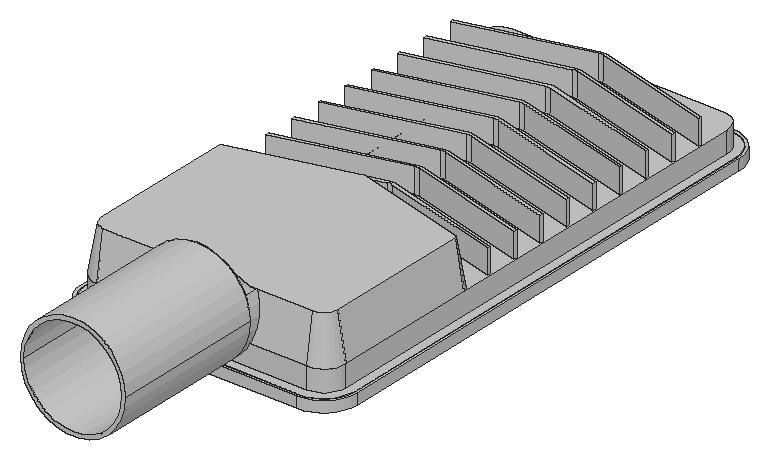
Revit family "NNYC2006288", category 照明器具, Revit 2018
Family settings
  丸型コネクタ寸法 = 直径を使用
  パーツ タイプ = 標準
  OmniClass 番号 = 23.80.70.00
  OmniClass タイトル = Lighting
  作業面ベース = はい
  常に垂直 = いいえ
  ロード時にボイドで切り取り = いいえ
  光源 = はい
  共有 = いいえ
  部屋計算ポイント = いいえ
Parameters (values of type "NNYC2006288")
  built-in parameter 1150110 = 1 (stored number, unit not read)
  長方形の長さに沿って放射 = 103 mm
  長方形の幅に沿って放射 = 154 mm
  built-in parameter 1150133 = 10 (stored number, unit not read)
  Dimming Lamp Color Temperature Shift = (empty or 0)
  説明 = "NNYC2006288"
  製造元 = "Panasonic Corp."
  built-in parameter 1150104 = 13.8 (stored number, unit not read)
  built-in parameter 1150115 = 1 (stored number, unit not read)
  built-in parameter 1150137 = 1
  built-in parameter 1150106 = 53.857 (stored number, unit not read)
  built-in parameter 1150134 = (empty or 0)
  built-in parameter 1150109 = 1 (stored number, unit not read)
  Default Elevation = 0 mm
  built-in parameter 1114218 = 1 (stored number, unit not read)
  built-in parameter 1114217 = 1 (stored number, unit not read)
  built-in parameter 1150102 = (empty or 0)
  built-in parameter 1150107 = 5700 (stored number, unit not read)
  built-in parameter 1150138 = (empty or 0)
  built-in parameter 1150132 = 2
  Lumens = 7500 lm
  built-in parameter 1150105 = 5385.7 (stored number, unit not read)
  Tilt Angle = 90.00°
  built-in parameter 1150139 = (empty or 0)
  Cost = 63000
  Wattage = 50.4908 W
  Emit Shape Visible in Rendering = no
  built-in parameter 1150112 = 1 (stored number, unit not read)
  built-in parameter 1150114 = 1 (stored number, unit not read)
  Lamp = ""
  モデル = "LED Street Light SP series"
  フォトメトリック Web ファイル = "NNYC2006288.ies"
  タイプの説明 = "Street Light"
  Type Image = (empty or 0)
  built-in parameter 1150113 = 1 (stored number, unit not read)
  Color Filter = 16777215
  Voltage = 230 V
  Width = 0 mm
  URL = "https://panasonic.net/electricworks/lighting/"
  Light Source = Light Source
  Height = 0 mm
  Length = 0 mm
  Body = ADC12
Reference planes
  plane 1 "Light Source Axis (F/B)": y = 0
  plane 2: z = 0
  plane 3 "Light Source Axis (L/R)": x = 0
  plane 4 "Light Source Elevation": z = 0
  plane 5: z = 14
  plane 6: y = 173.528
Forms (mm)
  Extrusion 1, solid, material "ADC12" <- "Body"
    sketch origin (0, 0, 0) x (1, 0, 0) y (0, 0, 1)
      loop
        circle (0, 0) r 32
      loop
        circle (0, 0) r 34.5
    from -101 to 0
  Extrusion 2, solid, material "ADC12" <- "Body"
    sketch origin (0, 0, 0) x (1, 0, 0) y (0, 1, 0)
      loop
        arc (90, 430.481) -> (83.565, 446.016) -> (68.03, 452.451) r 21.97
        line (68.03, 452.451) -> (-69.59, 452.395)
        arc (-69.59, 452.395) -> (-84.107, 445.454) -> (-90, 430.481) r 21.97
        line (-90, 430.481) -> (-90, 119.469)
        arc (-90, 119.469) -> (-84.107, 104.496) -> (-69.59, 97.555) r 21.97
        line (-69.59, 97.555) -> (68.03, 97.499)
        arc (68.03, 97.499) -> (83.565, 103.934) -> (90, 119.469) r 21.97
        line (90, 119.469) -> (90, 430.481)
      loop
        arc (88, 430.481) -> (82.151, 444.602) -> (68.031, 450.451) r 19.97
        line (68.031, 450.451) -> (-69.517, 450.395)
        arc (-69.517, 450.395) -> (-82.667, 444.066) -> (-88, 430.481) r 19.97
        line (-88, 430.481) -> (-88, 119.469)
        arc (-88, 119.469) -> (-82.667, 105.884) -> (-69.517, 99.555) r 19.97
        line (-69.517, 99.555) -> (68.031, 99.499)
        arc (68.031, 99.499) -> (82.151, 105.349) -> (88, 119.469) r 19.97
        line (88, 119.469) -> (88, 430.481)
    from -37 to -29.843
  Extrusion 3, solid, material "ADC12" <- "Body"
    sketch origin (0, 0, 0) x (1, 0, 0) y (0, 1, 0)
      loop
        arc (88, 430.481) -> (82.151, 444.602) -> (68.031, 450.451) r 19.97
        line (68.031, 450.451) -> (-69.517, 450.395)
        arc (-69.517, 450.395) -> (-82.667, 444.066) -> (-88, 430.481) r 19.97
        line (-88, 430.481) -> (-88, 119.469)
        arc (-88, 119.469) -> (-82.667, 105.884) -> (-69.517, 99.555) r 19.97
        line (-69.517, 99.555) -> (68.031, 99.499)
        arc (68.031, 99.499) -> (82.151, 105.349) -> (88, 119.469) r 19.97
        line (88, 119.469) -> (88, 430.481)
      loop
        arc (56.009, 245.872) -> (60.301, 247.787) -> (61.741, 252.26) r 5.766
        line (61.741, 252.26) -> (61.741, 417.74)
        arc (61.741, 417.74) -> (60.301, 422.213) -> (56.009, 424.128) r 5.766
        line (56.009, 424.128) -> (-56.009, 424.128)
        arc (-56.009, 424.128) -> (-60.301, 422.213) -> (-61.741, 417.74) r 5.766
        line (-61.741, 417.74) -> (-61.741, 252.26)
        arc (-61.741, 252.26) -> (-60.301, 247.787) -> (-56.009, 245.872) r 5.766
        line (-56.009, 245.872) -> (56.009, 245.872)
    from -29.843 to -37
  Extrusion 4, solid, material "Light Source" <- "Light Source"
    sketch origin (500, 0, 0) x (1, 0, 0) y (0, 1, 0)
      loop
        arc (-450.5, 258) -> (-449.086, 258.586) -> (-448.5, 260) r 2
        line (-448.5, 260) -> (-448.5, 410)
        arc (-448.5, 410) -> (-449.086, 411.414) -> (-450.5, 412) r 2
        line (-450.5, 412) -> (-549.5, 412)
        arc (-549.5, 412) -> (-550.914, 411.414) -> (-551.5, 410) r 2
        line (-551.5, 410) -> (-551.5, 260)
        arc (-551.5, 260) -> (-550.914, 258.586) -> (-549.5, 258) r 2
        line (-549.5, 258) -> (-450.5, 258)
    from -22.8 to -21.2
  Extrusion 5, solid, material "ADC12" <- "Body"
    sketch origin (0, 0, 0) x (1, 0, 0) y (0, 1, 0)
      loop
        arc (-69.272, 444.395) -> (-78.338, 439.91) -> (-82, 430.481) r 13.97
        line (-82, 430.481) -> (-82, 119.469)
        arc (-82, 119.469) -> (-78.338, 110.04) -> (-69.272, 105.555) r 13.97
        line (-69.272, 105.555) -> (68.025, 105.499)
        arc (68.025, 105.499) -> (77.906, 109.589) -> (82, 119.469) r 13.97
        line (82, 119.469) -> (82, 430.481)
        arc (82, 430.481) -> (77.909, 440.359) -> (68.032, 444.451) r 13.97
        line (68.032, 444.451) -> (-69.272, 444.395)
    from -29.843 to -16
  Blend 6, solid, material "ADC12" <- "Body"
    base sketch origin (0, 0, 0) x (1, 0, 0) y (0, 1, 0)
      loop
        line (-69.272, 105.555) -> (68.025, 105.499)
        arc (68.025, 105.499) -> (77.906, 109.589) -> (82, 119.469) r 13.97
        line (82, 119.469) -> (82, 215.805)
        arc (82, 215.805) -> (80.575, 219.47) -> (77.403, 221.795) r 7.027
        line (77.403, 221.795) -> (2.079, 241.979)
        arc (2.079, 241.979) -> (0, 242.197) -> (-2.079, 241.979) r 10
        line (-2.079, 241.979) -> (-77.403, 221.795)
        arc (-77.403, 221.795) -> (-80.575, 219.47) -> (-82, 215.805) r 7.027
        line (-82, 215.805) -> (-82, 119.469)
        arc (-82, 119.469) -> (-78.338, 110.04) -> (-69.272, 105.555) r 13.97
    top sketch origin (0, 0, 0) x (1, 0, 0) y (0, 1, 0)
      loop
        line (75.835, 217.039) -> (0.933, 237.109)
        arc (0.933, 237.109) -> (0, 237.197) -> (-0.933, 237.109) r 5
        line (-0.933, 237.109) -> (-75.835, 217.039)
        arc (-75.835, 217.039) -> (-76.608, 216.426) -> (-77, 215.521) r 2.027
        line (-77, 215.521) -> (-77, 119.469)
        arc (-77, 119.469) -> (-74.715, 113.488) -> (-69.024, 110.555) r 8.97
        line (-69.024, 110.555) -> (68.027, 110.499)
        arc (68.027, 110.499) -> (74.372, 113.125) -> (77, 119.469) r 8.97
        line (77, 119.469) -> (77, 215.521)
        arc (77, 215.521) -> (76.608, 216.426) -> (75.835, 217.039) r 2.027
    from -16 to 14
  Blend 7, void
    base sketch origin (0, 0, 0) x (1, 0, 0) y (0, 1, 0)
      loop
        line (-56.009, 247.472) -> (56.009, 247.472)
        arc (56.009, 247.472) -> (59.136, 248.885) -> (60.141, 252.166) r 4.166
        line (60.141, 252.166) -> (60.141, 417.834)
        arc (60.141, 417.834) -> (59.136, 421.115) -> (56.009, 422.528) r 4.166
        line (56.009, 422.528) -> (-56.009, 422.528)
        arc (-56.009, 422.528) -> (-59.136, 421.115) -> (-60.141, 417.834) r 4.166
        line (-60.141, 417.834) -> (-60.141, 252.166)
        arc (-60.141, 252.166) -> (-59.136, 248.885) -> (-56.009, 247.472) r 4.166
    top sketch origin (0, 0, 0) x (1, 0, 0) y (0, 1, 0)
      loop
        arc (49.5, 256.8) -> (51.763, 257.737) -> (52.7, 260) r 3.2
        line (52.7, 260) -> (52.7, 410)
        arc (52.7, 410) -> (51.763, 412.263) -> (49.5, 413.2) r 3.2
        line (49.5, 413.2) -> (-49.5, 413.2)
        arc (-49.5, 413.2) -> (-51.763, 412.263) -> (-52.7, 410) r 3.2
        line (-52.7, 410) -> (-52.7, 260)
        arc (-52.7, 260) -> (-51.763, 257.737) -> (-49.5, 256.8) r 3.2
        line (-49.5, 256.8) -> (49.5, 256.8)
    from -29.843 to -22.8
  Extrusion 8, void
    sketch origin (500, 0, 0) x (1, 0, 0) y (0, 1, 0)
      loop
        arc (-450.5, 258) -> (-449.086, 258.586) -> (-448.5, 260) r 2
        line (-448.5, 260) -> (-448.5, 410)
        arc (-448.5, 410) -> (-449.086, 411.414) -> (-450.5, 412) r 2
        line (-450.5, 412) -> (-549.5, 412)
        arc (-549.5, 412) -> (-550.914, 411.414) -> (-551.5, 410) r 2
        line (-551.5, 410) -> (-551.5, 260)
        arc (-551.5, 260) -> (-550.914, 258.586) -> (-549.5, 258) r 2
        line (-549.5, 258) -> (-450.5, 258)
    from -22.8 to -21.2
  Extrusion 9, solid, material "ADC12" <- "Body"
    sketch origin (0, 0, 0) x (1, 0, 0) y (0, 1, 0)
      loop
        line (-2.079, 259.946) -> (-80.903, 238.826) -> (-80.903, 236.755) -> (-1.615, 258)
        arc (-1.615, 258) -> (0, 258.165) -> (1.615, 258) r 8
        line (1.615, 258) -> (80.903, 236.755) -> (80.903, 238.826) -> (2.079, 259.946)
        arc (2.079, 259.946) -> (0, 260.165) -> (-2.079, 259.946) r 10
      loop
        line (-2.079, 281.446) -> (-80.903, 260.326) -> (-80.903, 258.255) -> (-1.615, 279.5)
        arc (-1.615, 279.5) -> (0, 279.665) -> (1.615, 279.5) r 8
        line (1.615, 279.5) -> (80.903, 258.255) -> (80.903, 260.326) -> (2.079, 281.446)
        arc (2.079, 281.446) -> (0, 281.665) -> (-2.079, 281.446) r 10
      loop
        line (-2.079, 302.946) -> (-80.903, 281.826) -> (-80.903, 279.755) -> (-1.615, 301)
        arc (-1.615, 301) -> (0, 301.165) -> (1.615, 301) r 8
        line (1.615, 301) -> (80.903, 279.755) -> (80.903, 281.826) -> (2.079, 302.946)
        arc (2.079, 302.946) -> (0, 303.165) -> (-2.079, 302.946) r 10
      loop
        line (-2.079, 324.446) -> (-80.903, 303.326) -> (-80.903, 301.255) -> (-1.615, 322.5)
        arc (-1.615, 322.5) -> (0, 322.665) -> (1.615, 322.5) r 8
        line (1.615, 322.5) -> (80.903, 301.255) -> (80.903, 303.326) -> (2.079, 324.446)
        arc (2.079, 324.446) -> (0, 324.665) -> (-2.079, 324.446) r 10
      loop
        line (-2.079, 345.946) -> (-80.903, 324.826) -> (-80.903, 322.755) -> (-1.615, 344)
        arc (-1.615, 344) -> (0, 344.165) -> (1.615, 344) r 8
        line (1.615, 344) -> (80.903, 322.755) -> (80.903, 324.826) -> (2.079, 345.946)
        arc (2.079, 345.946) -> (0, 346.165) -> (-2.079, 345.946) r 10
      loop
        line (-2.079, 367.446) -> (-80.903, 346.326) -> (-80.903, 344.255) -> (-1.615, 365.5)
        arc (-1.615, 365.5) -> (0, 365.665) -> (1.615, 365.5) r 8
        line (1.615, 365.5) -> (80.903, 344.255) -> (80.903, 346.326) -> (2.079, 367.446)
        arc (2.079, 367.446) -> (0, 367.665) -> (-2.079, 367.446) r 10
      loop
        line (-2.079, 388.946) -> (-80.903, 367.826) -> (-80.903, 365.755) -> (-1.615, 387)
        arc (-1.615, 387) -> (0, 387.165) -> (1.615, 387) r 8
        line (1.615, 387) -> (80.903, 365.755) -> (80.903, 367.826) -> (2.079, 388.946)
        arc (2.079, 388.946) -> (0, 389.165) -> (-2.079, 388.946) r 10
      loop
        line (-2.079, 410.446) -> (-80.903, 389.326) -> (-80.903, 387.255) -> (-1.615, 408.5)
        arc (-1.615, 408.5) -> (0, 408.665) -> (1.615, 408.5) r 8
        line (1.615, 408.5) -> (80.903, 387.255) -> (80.903, 389.326) -> (2.079, 410.446)
        arc (2.079, 410.446) -> (0, 410.665) -> (-2.079, 410.446) r 10
      loop
        line (-2.079, 431.946) -> (-80.903, 410.826) -> (-80.903, 408.755) -> (-1.615, 430)
        arc (-1.615, 430) -> (0, 430.165) -> (1.615, 430) r 8
        line (1.615, 430) -> (80.903, 408.755) -> (80.903, 410.826) -> (2.079, 431.946)
        arc (2.079, 431.946) -> (0, 432.165) -> (-2.079, 431.946) r 10
    from -16 to 0
  Blend 10, solid, material "ADC12" <- "Body"
    base sketch origin (0, 0, 0) x (1, 0, 0) y (0, 0, 1)
      loop
        arc (-31.532, 14) -> (0, -34.5) -> (31.532, 14) r 34.5
        arc (31.532, 14) -> (0, 34.5) -> (-31.532, 14) r 34.5
    top sketch origin (0, 0, 0) x (1, 0, 0) y (0, 0, 1)
      loop
        line (31.532, 14) -> (-31.532, 14)
        arc (-31.532, 14) -> (0, -34.5) -> (31.532, 14) r 34.5
    from -101 to -110.528
Cuts and joins
  Blend 7, Extrusion 8 cuts Extrusion 5
  joined: Extrusion 1, Extrusion 3, Extrusion 5, Blend 6, Extrusion 9
Dimensions and locks
  aligned and locked: level to plane 2
Connectors
  electrical at (0, 173.528, 14)
    settings: on plane 5, index 1, voltage 0 V, apparent load 0 VA, apparent load phase1 0 VA, apparent load phase2 0 VA, apparent load phase3 0 VA, power factor 1, load classification "Other", number of poles 1, system type 30, power factor state 1, is connector primary yes, connector utility no, sub classification motor no, connector description ""
